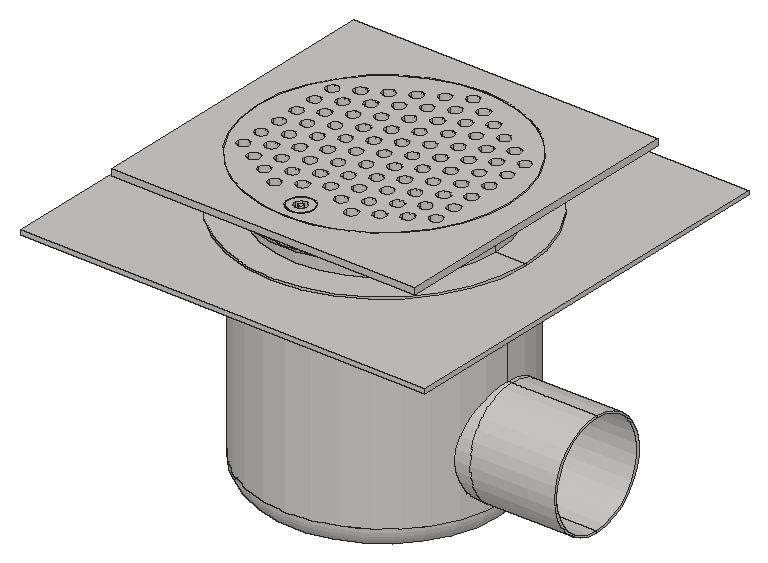
Revit family "PX_FD_HERBISH HOLES PC HB125HADJ", category Plumbing Fixtures, Revit 2015
Parameters (values of type "HERBISH HOLES PC HB125HADJ")
  URL = "http://www.metspin.co.za/"
  Tolani civil Projects cc URL = "www.tcpbim.co.za"
  Stainless Steel = Stainless Steel
  Notes = "The Herbish® HB 125 H is a unique Full Flow Floor Drain with the following features: \r\n\t• Manufactured in Stainless Steel to ensure acid corrosion and stain resistance. \r\n\t• A 70mm water seal to ensure an odour-free operation. \r\n\t• Smooth surfaces for easy cleaning. \r\n\t• Minimum dirt collection and high flow rates.\r\n\t• Easy to dismantle for cleaning, discharge pipe becomes fully accessible"
  Model = "PC HB125HADJ"
  Manufacturer = "Metal Spinning (Pty) Ltd"
  Description = "HERBISH DRAIN WITH HOLES"
  Created by = "Tolani civil Projects cc"
Reference planes
  plane 1 "Center (Front/Back)": y = 0
  plane 2: z = 0
  plane 3 "Center (Left/Right)": x = 0
  plane 4: z = -77.987
  plane 5: x = 55.022
  plane 6: x = 105.022
Forms (mm)
  Revolve 1, solid, material "Stainless Steel" <- "Stainless Steel"
    sketch origin (0, 0, 0) x (1, 0, 0) y (0, 0, 1)
      loop
        arc (-50.002, -114.987) -> (-57.073, -112.058) -> (-60.002, -104.987) r 10
        line (-60.002, -104.987) -> (-60.002, -0.01) -> (-60.902, -0.01) -> (-60.902, -104.987)
        arc (-60.902, -104.987) -> (-57.709, -112.695) -> (-50.002, -115.887) r 10.9
        line (-50.002, -115.887) -> (0, -115.887) -> (0, -114.987) -> (-50.002, -114.987)
      loop
        line (-24.1, -86.663) -> (-24.1, -10.455)
        arc (-24.1, -10.455) -> (-28.331, -1.596) -> (-37.467, 2) r 13.4
        line (-37.467, 2) -> (-46.767, 2)
        arc (-46.767, 2) -> (-48.267, 0.5) -> (-46.767, -1) r 1.5
        line (-46.767, -1) -> (-45.267, -1) -> (-45.267, -0.1) -> (-46.767, -0.1)
        arc (-46.767, -0.1) -> (-47.367, 0.5) -> (-46.767, 1.1) r 0.6
        line (-46.767, 1.1) -> (-37.467, 1.1)
        arc (-37.467, 1.1) -> (-28.956, -2.244) -> (-25, -10.488) r 12.5
        line (-25, -10.488) -> (-25, -86.663) -> (-24.1, -86.663)
      loop
        line (0, -96.657) -> (0, -95.657) -> (-19.937, -95.657)
        arc (-19.937, -95.657) -> (-31.649, -90.806) -> (-36.5, -79.095) r 16.563
        line (-36.5, -79.095) -> (-36.5, -11.661) -> (-37.5, -11.661) -> (-37.5, -79.095)
        arc (-37.5, -79.095) -> (-32.356, -91.513) -> (-19.937, -96.657) r 17.563
        line (-19.937, -96.657) -> (0, -96.657)
      loop
        arc (-54.099, -12) -> (-53.514, -10.586) -> (-52.099, -10) r 2
        arc (-52.099, -10) -> (-49.978, -9.121) -> (-49.099, -7) r 3
        line (-49.099, -7) -> (-49.099, -6)
        arc (-49.099, -6) -> (-49.978, -3.879) -> (-52.1, -3) r 3
        arc (-52.1, -3) -> (-53.514, -2.414) -> (-54.1, -1) r 2
        line (-54.1, -1) -> (-54.1, 11.6)
        arc (-54.1, 11.6) -> (-54.803, 13.297) -> (-56.5, 14) r 2.4
        line (-56.5, 14) -> (-61.75, 14)
        arc (-61.75, 14) -> (-62.104, 14.146) -> (-62.25, 14.5) r 0.5
        line (-62.25, 14.5) -> (-62.25, 24) -> (-63.15, 24) -> (-63.15, 14.5)
        arc (-63.15, 14.5) -> (-62.74, 13.51) -> (-61.75, 13.1) r 1.4
        line (-61.75, 13.1) -> (-56.5, 13.1)
        arc (-56.5, 13.1) -> (-55.439, 12.661) -> (-55, 11.6) r 1.5
        line (-55, 11.6) -> (-55, 3) -> (-70, 3) -> (-70, 2) -> (-55, 2) -> (-55, -1)
        arc (-55, -1) -> (-54.15, -3.051) -> (-52.1, -3.9) r 2.9
        arc (-52.1, -3.9) -> (-50.615, -4.515) -> (-49.999, -6) r 2.1
        line (-49.999, -6) -> (-49.999, -7)
        arc (-49.999, -7) -> (-50.614, -8.485) -> (-52.099, -9.1) r 2.1
        arc (-52.099, -9.1) -> (-54.15, -9.949) -> (-54.999, -12) r 2.9
        line (-54.999, -12) -> (-54.999, -60.77) -> (-54.099, -60.77) -> (-54.099, -12)
      axis (0, 24) -> (0, -115.887)
    angle from 0 to 360
  Revolve 2, solid, material "Stainless Steel" <- "Stainless Steel"
    sketch origin (0, 0, 0) x (1, 0, 0) y (0, 0, 1)
      loop
        line (105.022, -52.987) -> (105.022, -52.087) -> (62.898, -52.087) -> (55.022, -52.087) -> (55.022, -52.987) -> (62.898, -52.987) -> (105.022, -52.987)
      axis (55.022, -77.987) -> (105.022, -77.987)
    angle from 0 to 360
  Extrusion 3, void
    sketch origin (0, 0, 0) x (0, 1, 0) y (0, 0, 1)
      loop
        circle (0, -77.987) r 25
    from 55.022 to 105.022
  Extrusion 4, solid, material "Stainless Steel" <- "Stainless Steel"
    sketch origin (-606.234, -5.323, 0) x (1, 0, 0) y (0, 1, 0)
      loop
        line (681.234, 80.323) -> (531.234, 80.323) -> (531.234, -69.677) -> (681.234, -69.677) -> (681.234, 80.323)
      loop
        circle (606.234, 5.323) r 62
      loop
        circle (606.234, 5.323) r 62.5
      loop
        circle (558.603, 21.823) r 3
      loop
        circle (558.603, 32.823) r 3
      loop
        circle (606.234, 60.323) r 3
      loop
        circle (606.234, 49.323) r 3
      loop
        circle (606.234, 38.323) r 3
      loop
        circle (606.234, 27.323) r 3
      loop
        circle (606.234, 16.323) r 3
      loop
        circle (606.234, 5.323) r 3
      loop
        circle (606.234, -5.677) r 3
      loop
        circle (606.234, -16.677) r 3
      loop
        circle (606.234, -27.677) r 3
      loop
        circle (596.708, -33.177) r 3
      loop
        circle (587.182, -38.677) r 3
      loop
        circle (615.76, -33.177) r 3
      loop
        circle (625.287, -38.677) r 3
      loop
        circle (615.76, -11.177) r 3
      loop
        circle (625.287, -16.677) r 3
      loop
        circle (634.813, -22.177) r 3
      loop
        circle (644.339, -27.677) r 3
      loop
        circle (596.708, -11.177) r 3
      loop
        circle (587.182, -16.677) r 3
      loop
        circle (577.655, -22.177) r 3
      loop
        circle (568.129, -27.677) r 3
      loop
        circle (568.129, 38.323) r 3
      loop
        circle (577.655, 43.823) r 3
      loop
        circle (587.182, 49.323) r 3
      loop
        circle (596.708, 54.823) r 3
      loop
        circle (615.76, 54.823) r 3
      loop
        circle (625.287, 49.323) r 3
      loop
        circle (634.813, 43.823) r 3
      loop
        circle (644.339, 38.323) r 3
      loop
        circle (653.866, 32.823) r 3
      loop
        circle (653.866, 21.823) r 3
      loop
        circle (653.866, 10.823) r 3
      loop
        circle (615.76, 43.823) r 3
      loop
        circle (625.287, 38.323) r 3
      loop
        circle (634.813, 32.823) r 3
      loop
        circle (644.339, 27.323) r 3
      loop
        circle (596.708, 43.823) r 3
      loop
        circle (587.182, 38.323) r 3
      loop
        circle (577.655, 32.823) r 3
      loop
        circle (568.129, 27.323) r 3
      loop
        circle (558.603, 10.823) r 3
      loop
        circle (568.129, 16.323) r 3
      loop
        circle (577.655, 21.823) r 3
      loop
        circle (587.182, 27.323) r 3
      loop
        circle (596.708, 32.823) r 3
      loop
        circle (615.76, 32.823) r 3
      loop
        circle (625.287, 27.323) r 3
      loop
        circle (634.813, 21.823) r 3
      loop
        circle (644.339, 16.323) r 3
      loop
        circle (653.866, -0.177) r 3
      loop
        circle (644.339, 5.323) r 3
      loop
        circle (634.813, 10.823) r 3
      loop
        circle (625.287, 16.323) r 3
      loop
        circle (615.76, 21.823) r 3
      loop
        circle (596.708, 21.823) r 3
      loop
        circle (587.182, 16.323) r 3
      loop
        circle (577.655, 10.823) r 3
      loop
        circle (568.129, 5.323) r 3
      loop
        circle (558.603, -0.177) r 3
      loop
        circle (558.603, -11.177) r 3
      loop
        circle (568.129, -5.677) r 3
      loop
        circle (577.655, -0.177) r 3
      loop
        circle (587.182, 5.323) r 3
      loop
        circle (596.708, 10.823) r 3
      loop
        circle (615.76, 10.823) r 3
      loop
        circle (625.287, 5.323) r 3
      loop
        circle (634.813, -0.177) r 3
      loop
        circle (644.339, -5.677) r 3
      loop
        circle (653.866, -11.177) r 3
      loop
        circle (558.603, -22.177) r 3
      loop
        circle (568.129, -16.677) r 3
      loop
        circle (577.655, -11.177) r 3
      loop
        circle (587.182, -5.677) r 3
      loop
        circle (596.708, -0.177) r 3
      loop
        circle (615.76, -0.177) r 3
      loop
        circle (625.287, -5.677) r 3
      loop
        circle (634.813, -11.177) r 3
      loop
        circle (644.339, -16.677) r 3
      loop
        circle (653.866, -22.177) r 3
      loop
        circle (634.813, -33.177) r 3
      loop
        circle (625.287, -27.677) r 3
      loop
        circle (615.76, -22.177) r 3
      loop
        circle (596.708, -22.177) r 3
      loop
        circle (587.182, -27.677) r 3
      loop
        circle (577.655, -33.177) r 3
      loop
        circle (606.234, -46.177) r 6.002
      loop
        circle (606.234, -46.177) r 6.5
      loop
        circle (606.234, -46.177) r 3
      loop
        circle (606.234, -46.177) r 1.25
    from 24.019 to 27.026
  Extrusion 5, solid, material "Stainless Steel" <- "Stainless Steel"
    sketch origin (-1.302, -187.08, 0) x (1, 0, 0) y (0, 1, 0)
      loop
        line (101.302, 287.08) -> (-98.698, 287.08) -> (-98.698, 87.08) -> (101.302, 87.08) -> (101.302, 287.08)
    from 0 to 2
Cuts and joins
  Extrusion 3 cuts Revolve 2
  Extrusion 3 cuts Revolve 1
Dimensions and locks
  locked: Revolve 2 sketch curve to plane 4 at 25
  locked: level to plane 4 at 77.987
  locked: plane 5 to plane 3 "Center (Left/Right)" at 55.022
  locked: plane 6 to plane 5 at 50
  aligned and locked: level to plane 2
  aligned and locked: Revolve 1 sketch curve to plane 3 "Center (Left/Right)"
  aligned and locked: Revolve 2 sketch curve to plane 4
  aligned and locked: Extrusion 3 sketch curve to Revolve 2  (x2)
  aligned and locked: plane 5 to Revolve 1
  aligned and locked: plane 6 to Revolve 2 sketch curve
  aligned and locked: Revolve 2 sketch curve to plane 5
  aligned and locked: cut or joined group of Revolve 2, Extrusion 3 to Extrusion 3
  aligned and locked: Extrusion 3 to cut or joined group of Revolve 2, Extrusion 3
Connectors
  piping at (105.022, 0, -77.987), diameter 50
    settings: on cut or joined group of Revolve 2, Extrusion 3, index 2, connector inside diameter 609.6 mm, connector length 0 mm, flow factor 0, pipe flow 0.0 L/s, pressure drop 0.0 Pa, fitting loss kfactor 0, connector angle 0.00°, fixture units 0, engagement length 0 mm, angle of deflection 0.00°, flow configuration 0, flow direction 0, fitting loss method 0, system type 16, joint type 0, gender type 0, connector reference index -1, connector utility 0, adjustable connector no, is connector primary yes, connector description ""
